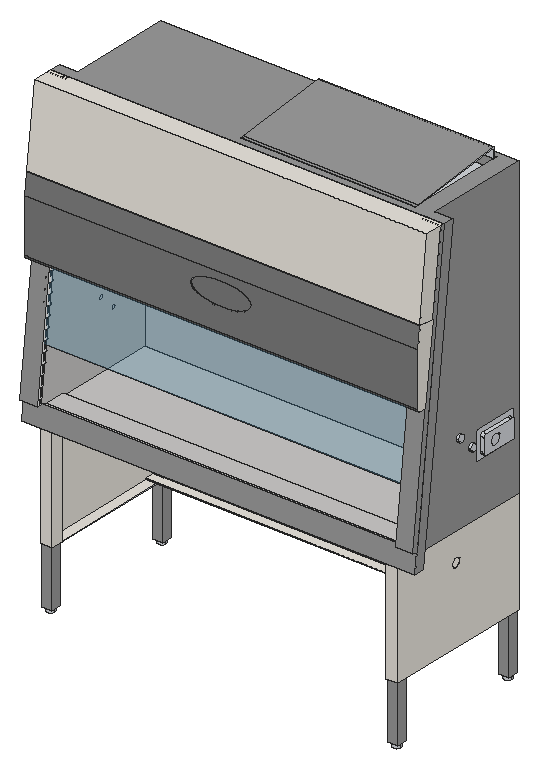
Revit family "NU-540 LabGard Class II Type A2 Laminar Flow Biosafety Cabinet", category Mechanical Equipment, Revit 2020
Family settings
  Round Connector Dimension = Use Diameter
  Part Type = Normal
  OmniClass Number = 23.75.00.00
  OmniClass Title = Climate Control (HVAC)
  Work Plane-Based = No
  Always vertical = Yes
  Cut with Voids When Loaded = No
  Shared = No
  Room Calculation Point = No
Parameters (values of type "NU-540-600")
  window width [instance] = 5' - 11 7/8"
  transition width = 2' - 11 3/8"
  transition depth = 1' - 7 1/8"
  exhaust ring inner = 0' - 4 15/16"
  exhaust door width = 2' - 7 3/16"
  crossbar [instance] = 5' - 10.1415"
  Workzone Width [instance] = 5' - 10 3/8"
  Overall Width [instance] = 6' - 5 9/16"
  Model = "NU-540-600"
  Manufacturer = "NuAire Inc."
  Exhaust Filter Width [instance] = 2' - 10 1/2"
  Exhaust Diameter = 0' - 10"
  Exhaust Center = 2' - 0"
  Description = "LabGard Class II Type A2 Laminar Flow Biosafety Cabinet 115v"
  Default Elevation = 0' - 0"
  Cabinet Width [instance] = 5' - 10 9/16"
  Cabinet Height = 4' - 10 7/8"
  Cabinet Depth = 2' - 6"
Types (4): name | window width | transition width | exhaust ring inner | exhaust door width | crossbar | Workzone Width | Overall Width | Model | Exhaust Filter Width | Exhaust Diameter | Exhaust Center | Cabinet Width
  NU-540-600 | 5' - 11 7/8" | 2' - 11 3/8" | 0' - 4 15/16" | 2' - 7 3/16" | 5' - 10.1415" | 5' - 10 3/8" | 6' - 5 9/16" | "NU-540-600" | 2' - 10 1/2" | 0' - 10" | 2' - 0" | 5' - 10 9/16"
  NU-540-500 | 4' - 11 7/8" | 2' - 5 3/8" | 0' - 4 15/16" | 2' - 7 3/16" | 4' - 10 9/64" | 4' - 10 3/8" | 5' - 5 9/16" | "NU-540-500" | 2' - 4 1/2" | 0' - 10" | 1' - 9" | 4' - 10 9/16"
  NU-540-400 | 3' - 11 3/8" | 1' - 9 3/8" | 0' - 4 15/16" | 1' - 7 3/16" | 3' - 10 9/64" | 3' - 10 3/8" | 4' - 5 9/16" | "NU-540-400" | 1' - 8 1/2" | 0' - 10" | 1' - 5" | 3' - 10 9/16"
  NU-540-300 | 2' - 11 7/8" | 1' - 1 3/8" | 0' - 3 15/16" | 1' - 1 3/16" | 2' - 10 9/64" | 2' - 10 3/8" | 3' - 5 9/16" | "NU-540-300" | 1' - 0 1/2" | 0' - 8" | 1' - 1" | 2' - 10 9/16"
Reference planes (in)
  plane 1 "Center (Front/Back)": y = 0
  plane 2: z = 0
  plane 3 "Center (Left/Right)": x = 0
  plane 4: x = -35.28125
  plane 5: x = 35.28125
  plane 6: y = -30
  plane 7 "Cabinet Base": z = 32.5
  plane 8 "Cabinet Top": z = 91.375
  plane 9: x = -38.78125
  plane 10: x = 38.78125
  plane 11: z = 12
  plane 12: z = 36.5
  plane 13: z = 89.703
  plane 14: z = 0.75
  plane 15: z = 12.074
  plane 16: z = 12.25
  plane 17: z = 22.21875
  plane 18: x = -35.07075
  plane 19: x = 35.07075
  plane 20: x = -35.9375
  plane 21: x = 35.9375
  plane 22: z = 68.23219
  plane 23: x = 36.3125
  plane 24: x = 35.34375
  plane 25: z = 99.875
Forms (in)
  Extrusion 1, solid
    sketch origin (0, 0, 0) x (0, 1, 0) y (0, 0, 1)
      loop
        line (0, 32.5) -> (0, 91.375) -> (-22.77106, 91.375) -> (-30, 32.5) -> (0, 32.5)
    from -38.78125 to 38.78125
  Extrusion 2, void
    sketch origin (0, 0, 0) x (0, 1, 0) y (0, 0, 1)
      loop
        line (-20.6301, 91.375) -> (-27.85904, 32.5) -> (0, 32.5) -> (0, 91.375) -> (-20.6301, 91.375)
    from -38.78125 to -35.28125
  Extrusion 3, void
    sketch origin (0, 0, 0) x (0, 1, 0) y (0, 0, 1)
      loop
        line (-20.6301, 91.375) -> (-27.85904, 32.5) -> (0, 32.5) -> (0, 91.375) -> (-20.6301, 91.375)
    from 35.28125 to 38.78125
  Extrusion 4, void
    sketch origin (0, 0, 0) x (0, 1, 0) y (0, 0, 1)
      loop
        line (-29.50886, 36.5) -> (-28.88386, 36.5) -> (-28.88386, 36.1875) -> (-24.25886, 36.1875) -> (-24.25886, 35.6875) -> (-4.18074, 35.6875) -> (-4.18074, 63.9375) -> (-26.13996, 63.9375) -> (-29.50886, 36.5)
    from -35.1875 to 35.1875
  Extrusion 5, void
    sketch origin (0, 0, 91.375) x (1, 0, 0) y (0, -1, 0)
      loop
        line (31.98425, 2.047) -> (31.98425, 20.547) -> (-2.51575, 20.547) -> (-2.51575, 2.047) -> (31.98425, 2.047)
    from 0 to 1.672
  Extrusion 6, solid
    sketch origin (0, -30, 32.5) x (1, 0, 0) y (0, -1, 0)
      loop
        line (35.28125, -30) -> (35.28125, -0.29687) -> (32.96225, -0.29687) -> (32.96225, -2.54287) -> (35.13325, -2.54287) -> (35.13325, -27.754) -> (32.96225, -27.754) -> (32.96225, -30) -> (35.28125, -30)
      loop
        line (-35.28125, -30) -> (-32.96225, -30) -> (-32.96225, -27.754) -> (-35.13325, -27.754) -> (-35.13325, -2.54287) -> (-32.96225, -2.54287) -> (-32.96225, -0.29687) -> (-35.28125, -0.29687) -> (-35.28125, -30)
    from 0 to 20.5
  Extrusion 7, solid
    sketch origin (0, -30, 12) x (0, 1, 0) y (1, 0, 0)
      loop
        line (0.42187, -35.15625) -> (2.42187, -35.15625) -> (2.42187, -33.15625) -> (0.42187, -33.15625) -> (0.42187, -35.15625)
      loop
        line (0.42362, 35.15625) -> (0.42362, 33.15625) -> (2.42362, 33.15625) -> (2.42362, 35.15625) -> (0.42362, 35.15625)
      loop
        line (29.875, 35.15625) -> (27.875, 35.15625) -> (27.875, 33.15625) -> (29.875, 33.15625) -> (29.875, 35.15625)
      loop
        line (27.875, -35.15625) -> (29.875, -35.15625) -> (29.875, -33.15625) -> (27.875, -33.15625) -> (27.875, -35.15625)
    from 0 to 11.25
  Extrusion 8, solid
    sketch origin (0, -30, 0.75) x (-1, 0, 0) y (0, 1, 0)
      loop
        circle (34.15625, 1.40689) r 0.75
      loop
        circle (-34.15625, 1.42362) r 0.75
      loop
        circle (-34.15625, 28.875) r 0.75
      loop
        circle (34.15625, 28.875) r 0.75
    from 0 to 0.75
  Extrusion 9, void
    sketch origin (0, 0, 0) x (0, 1, 0) y (0, 0, 1)
      loop
        circle (-15.375, 27) r 1
    from -35.28125 to 35.28125
  Extrusion 10, solid
    sketch origin (0, -30, 12) x (0, 1, 0) y (1, 0, 0)
      loop
        line (2.54287, 35.13325) -> (2.54287, 32.96225) -> (27.754, 32.96225) -> (27.754, 35.13325) -> (2.54287, 35.13325)
      loop
        line (27.754, -32.96225) -> (2.54287, -32.96225) -> (2.54287, -35.13325) -> (27.754, -35.13325) -> (27.754, -32.96225)
    from 0 to -0.074
  Extrusion 11, solid
    sketch origin (0, 0, 0) x (0, 1, 0) y (0, 0, 1)
      loop
        line (-4.246, 22.21875) -> (-4.246, 22.09375) -> (-2.3085, 22.09375) -> (-2.3085, 12.375) -> (-4.246, 12.375) -> (-4.246, 12.25) -> (-2.246, 12.25) -> (-2.246, 22.21875) -> (-4.246, 22.21875)
    from -35.07075 to 35.07075
  Extrusion 12, solid
    sketch origin (0, 0, 0) x (0, 1, 0) y (0, 0, 1)
      loop
        line (-29.53701, 36.27075) -> (-22.77106, 91.375) -> (-23.59218, 91.375) -> (-30.34593, 36.37008) -> (-29.53701, 36.27075)
    from 35.28125 to 38.78125
  Extrusion 13, solid
    sketch origin (-38.78125, 0, 0) x (0, -1, 0) y (0, 0, 1)
      loop
        line (22.77106, 91.375) -> (29.53701, 36.27075) -> (30.34593, 36.37008) -> (23.59218, 91.375) -> (22.77106, 91.375)
    from 0 to -3.5
  Extrusion 14, void
    sketch origin (0, 0.01127, -0.00138) x (0, 1, 0) y (0, 0, 1)
      loop
        line (-29.63061, 36.53412) -> (-22.89683, 91.37638) -> (-23.3272, 91.37638) -> (-30.05459, 36.58618) -> (-29.63061, 36.53412)
    from -35.9375 to 35.9375
  Extrusion 15, solid
    sketch origin (0, 0, 0) x (0, 1, 0) y (0, 0, 1)
      loop
        line (-28.40065, 46.4582) -> (-24.84342, 75.3651) -> (-25.02951, 75.388) -> (-28.58675, 46.48105) -> (-28.40065, 46.4582)
    from -35.9375 to 35.9375
  Extrusion 16, solid
    sketch origin (0, 0, 0) x (0, 1, 0) y (0, 0, 1)
      loop
        line (-23.59218, 91.375) -> (-22.77106, 91.375) -> (-22.77106, 91.4375) -> (-26.85891, 91.4375) -> (-28.74501, 76.07644) -> (-25.51924, 75.68036) -> (-23.59218, 91.375)
      loop
        line (-25.53447, 75.5563) -> (-28.76025, 75.95237) -> (-29.24772, 71.98219) -> (-29.24772, 61.39724)
        arc (-29.24772, 61.39724) -> (-29.10651, 61.02451) -> (-28.75378, 60.83893) r 0.5625
        line (-28.75378, 60.83893) -> (-27.36251, 60.6681) -> (-25.53447, 75.5563)
    from -38.78125 to 38.78125
  Extrusion 17, void
    sketch origin (0, -29.24772, 71.98219) x (0, 0, 1) y (1, 0, 0)
      loop
        spline (-3.71919, -5.96875) -> (-3.10786, -5.76537) -> (-2.53819, -5.16909) -> (-2.049, -4.22054) -> (-1.67363, -2.98438) -> (-1.43767, -1.54483) -> (-1.35719, 0) -> (-1.43767, 1.54483) -> (-1.67363, 2.98437) -> (-2.049, 4.22054) -> (-2.53819, 5.16909) -> (-3.10786, 5.76537) -> (-3.71919, 5.96875)
        spline (-3.71919, 5.96875) -> (-4.33052, 5.76537) -> (-4.90019, 5.16909) -> (-5.38937, 4.22054) -> (-5.76474, 2.98437) -> (-6.0007, 1.54483) -> (-6.08119, 0) -> (-6.0007, -1.54483) -> (-5.76474, -2.98438) -> (-5.38937, -4.22054) -> (-4.90019, -5.16909) -> (-4.33052, -5.76537) -> (-3.71919, -5.96875)
    from 0 to 0.07687
  Extrusion 18, void
    sketch origin (0, 0, 0) x (0, 1, 0) y (0, 0, 1)
      loop
        circle (-11.846, 45.958) r 0.5
      loop
        circle (-14.842, 48.958) r 0.5
    from -35.28125 to 35.28125
  Extrusion 19, solid
    sketch origin (-0.214, 0, 0) x (0, 1, 0) y (0, 0, 1)
      loop
        arc (-10.1875, 48.25) -> (-10.36428, 48.17678) -> (-10.4375, 48) r 0.25
        line (-10.4375, 48) -> (-10.4375, 43)
        arc (-10.4375, 43) -> (-10.36428, 42.82322) -> (-10.1875, 42.75) r 0.25
        line (-10.1875, 42.75) -> (-1.6875, 42.75)
        arc (-1.6875, 42.75) -> (-1.51072, 42.82322) -> (-1.4375, 43) r 0.25
        line (-1.4375, 43) -> (-1.4375, 48)
        arc (-1.4375, 48) -> (-1.51072, 48.17678) -> (-1.6875, 48.25) r 0.25
        line (-1.6875, 48.25) -> (-10.1875, 48.25)
      loop
        arc (-9.0625, 47.375) -> (-9.41605, 47.22855) -> (-9.5625, 46.875) r 0.5
        line (-9.5625, 46.875) -> (-9.5625, 44.125)
        arc (-9.5625, 44.125) -> (-9.41605, 43.77145) -> (-9.0625, 43.625) r 0.5
        line (-9.0625, 43.625) -> (-2.8125, 43.625)
        arc (-2.8125, 43.625) -> (-2.45895, 43.77145) -> (-2.3125, 44.125) r 0.5
        line (-2.3125, 44.125) -> (-2.3125, 46.875)
        arc (-2.3125, 46.875) -> (-2.45895, 47.22855) -> (-2.8125, 47.375) r 0.5
        line (-2.8125, 47.375) -> (-9.0625, 47.375)
    from 35.49525 to 35.55775
  Extrusion 20, solid
    sketch origin (35.28125, 0, 0) x (0, 1, 0) y (0, 0, 1)
      loop
        arc (-9.0625, 47.375) -> (-9.41605, 47.22855) -> (-9.5625, 46.875) r 0.5
        line (-9.5625, 46.875) -> (-9.5625, 44.125)
        arc (-9.5625, 44.125) -> (-9.41605, 43.77145) -> (-9.0625, 43.625) r 0.5
        line (-9.0625, 43.625) -> (-2.8125, 43.625)
        arc (-2.8125, 43.625) -> (-2.45895, 43.77145) -> (-2.3125, 44.125) r 0.5
        line (-2.3125, 44.125) -> (-2.3125, 46.875)
        arc (-2.3125, 46.875) -> (-2.45895, 47.22855) -> (-2.8125, 47.375) r 0.5
        line (-2.8125, 47.375) -> (-9.0625, 47.375)
    from 0 to 1.03125
  Extrusion 21, void
    sketch origin (0, 0, 0) x (0, 1, 0) y (0, 0, 1)
      loop
        circle (-6.9375, 45.5) r 1.12448
    from 36.20767 to 36.3125
  Extrusion 22, solid
    sketch origin (0, -20.6301, 91.375) x (0, -0.121869, -0.992546) y (-1, 0, 0)
      loop
        circle (57.52663, 36.96723) r 0.5
    from 0 to 0.0987
  Extrusion 23, solid
    sketch origin (0, 0, 0) x (0, 1, 0) y (0, 0, 1)
      loop
        circle (-11.846, 45.958) r 0.625
      loop
        circle (-14.846, 48.954) r 0.625
    from 35.28125 to 35.9375
  Extrusion 24, solid
    sketch origin (-35.28125, 0, 0) x (0, -1, 0) y (0, 0, 1)
      loop
        circle (14.84766, 48.954) r 0.625
      loop
        circle (11.846, 45.95312) r 0.625
    from 0 to 0.65625
  Extrusion 25, solid
    sketch origin (-2.51575, -20.547, 91.375) x (0, 1, 0) y (0, 0, 1)
      loop
        line (18.5, 0) -> (19.25, 0) -> (19.25, 0.05) -> (18.55, 0.05) -> (18.55, 2.05541) -> (0, 0.05) -> (-0.75, 0.05) -> (-0.75, 0) -> (0, 0) -> (18.5, 2) -> (18.5, 0)
    from 0 to 34.5
Cuts and joins
  Extrusion 2, Extrusion 3, Extrusion 4, Extrusion 5, Extrusion 17, Extrusion 18 cuts Extrusion 1
  Extrusion 9 cuts Extrusion 6
  Extrusion 14, Extrusion 18 cuts Extrusion 13
  Extrusion 14 cuts Extrusion 12
  Extrusion 17 cuts Extrusion 15
  Extrusion 17 cuts Extrusion 16
  Extrusion 21 cuts Extrusion 20
  joined: Extrusion 19, Extrusion 20
Dimensions and locks (in)
  equal spacing: plane 4, plane 3 "Center (Left/Right)", plane 5
  "Cabinet Width": plane 4 to plane 5
  "Cabinet Depth": plane 1 "Center (Front/Back)" to plane 6
  "Cabinet Height": plane 8 "Cabinet Top" to plane 7 "Cabinet Base"
  equal spacing: plane 10, plane 3 "Center (Left/Right)", plane 9
  "Overall Width": plane 10 to plane 9
  plane 7 "Cabinet Base" to Extrusion 1 = 4' - 10 7/8"
  locked: Extrusion 2 sketch curve to Extrusion 1 at 2.125
  Extrusion 2 to plane 7 "Cabinet Base" = 4' - 10 7/8"
  locked: cut or joined group of Extrusion 1, Extrusion 2, Extrusion 3, Extrusion 4, Extrusion 5, Extrusion 17, Extrusion 18 to Extrusion 3 sketch curve at 2.125
  Extrusion 3 to plane 7 "Cabinet Base" = 4' - 10 7/8"
  plane 7 "Cabinet Base" to level = 2' - 8 1/2"
  equal spacing: cut or joined group of Extrusion 1, Extrusion 2, Extrusion 3, Extrusion 4, Extrusion 5, Extrusion 17, Extrusion 18, plane 3 "Center (Left/Right)", cut or joined group of Extrusion 1, Extrusion 2, Extrusion 3, Extrusion 4, Extrusion 5, Extrusion 17, Extrusion 18
  "Workzone Width": cut or joined group of Extrusion 1, Extrusion 2, Extrusion 3, Extrusion 4, Extrusion 5, Extrusion 17, Extrusion 18 to cut or joined group of Extrusion 1, Extrusion 2, Extrusion 3, Extrusion 4, Extrusion 5, Extrusion 17, Extrusion 18
  locked: Extrusion 5 sketch curve to plane 5 at 3.297
  "Exhaust Filter Width": Extrusion 5 sketch curve to Extrusion 5 sketch curve
  locked: Extrusion 5 sketch curve to plane 1 "Center (Front/Back)" at 2.047
  Extrusion 5 sketch curve to Extrusion 5 sketch curve = 1' - 6 1/2"
  locked: Extrusion 6 to Extrusion 7 sketch curve at 0.125
  locked: Extrusion 7 sketch curve to Extrusion 6 at 0.125  (x4)
  Extrusion 7 sketch curve to Extrusion 7 sketch curve = 0' - 2"  (x8)
  Extrusion 6 to Extrusion 7 sketch curve = 0' - 0 1/8"  (x2)
  Extrusion 6 to Extrusion 7 sketch curve = 0' - 0.12674"
  Extrusion 8 sketch curve to Extrusion 7 = 0' - 1"  (x2)
  Extrusion 7 to Extrusion 8 sketch curve = 0' - 0.98502"
  Extrusion 7 to Extrusion 8 sketch curve = 0' - 1"  (x5)
  Extrusion 6 to Extrusion 9 sketch curve = 0' - 5 1/2"
  Extrusion 6 to Extrusion 9 sketch curve = 1' - 3 3/8"
  equal spacing: plane 19, plane 3 "Center (Left/Right)", plane 18
  "crossbar": plane 19 to plane 18
  cut or joined group of Extrusion 1, Extrusion 2, Extrusion 3, Extrusion 4, Extrusion 5, Extrusion 17, Extrusion 18 to Extrusion 12 sketch curve = 0' - 0.815"
  Extrusion 13 to Extrusion 14 sketch curve = 0' - 0.11365"
  Extrusion 14 sketch curve to Extrusion 14 sketch curve = 0' - 0.42716"
  Extrusion 13 to Extrusion 14 sketch curve = 0' - 0 1/4"
  equal spacing: plane 21, plane 3 "Center (Left/Right)", plane 20
  "window width": plane 21 to plane 20
  cut or joined group of Extrusion 13, Extrusion 14, Extrusion 18 to Extrusion 15 sketch curve to Extrusion 15 sketch curve = 0' - 10", 2' - 5 1/8" locked
  equal spacing: Extrusion 15, plane 3 "Center (Left/Right)", Extrusion 15
  "window width": Extrusion 15 to Extrusion 15
  locked: Extrusion 16 sketch curve to Extrusion 16 sketch curve at 15
  locked: Extrusion 16 sketch curve to Extrusion 16 sketch curve at 4
  Extrusion 16 sketch curve to Extrusion 16 sketch curve = 2' - 6 15/16"
  equal spacing: Extrusion 16, plane 3 "Center (Left/Right)", Extrusion 16
  "Overall Width": Extrusion 16 to Extrusion 16
  equal spacing: plane 10, Extrusion 17 sketch curve, plane 9
  Extrusion 18 sketch curve to cut or joined group of Extrusion 1, Extrusion 2, Extrusion 3, Extrusion 4, Extrusion 5, Extrusion 17, Extrusion 18 = 1' - 2.842"
  Extrusion 18 sketch curve to cut or joined group of Extrusion 6, Extrusion 9 = 1' - 1.458"
  Extrusion 18 sketch curve to cut or joined group of Extrusion 6, Extrusion 9 = 1' - 4.458"
  Extrusion 19 sketch curve to cut or joined group of Extrusion 1, Extrusion 2, Extrusion 3, Extrusion 4, Extrusion 5, Extrusion 17, Extrusion 18 = 0' - 1 7/16"
  Extrusion 19 sketch curve to Extrusion 19 sketch curve = 0' - 9"
  Extrusion 19 sketch curve to cut or joined group of Extrusion 6, Extrusion 9 = 0' - 10 1/4"
  Extrusion 19 sketch curve to Extrusion 19 sketch curve = 0' - 5 1/2"
  Extrusion 19 sketch curve to Extrusion 19 sketch curve = 0' - 3 3/4"
  Extrusion 19 sketch curve to Extrusion 19 sketch curve = 0' - 7 1/4"
  Extrusion 19 sketch curve to Extrusion 19 sketch curve = 0' - 0 7/8"
  plane 10 to plane 23 to cut or joined group of Extrusion 1, Extrusion 2, Extrusion 3, Extrusion 4, Extrusion 5, Extrusion 17, Extrusion 18 = 0' - 2 15/32" locked, 0' - 1 1/32" locked
  Extrusion 21 sketch curve to cut or joined group of Extrusion 6, Extrusion 9 = 1' - 1"
  Extrusion 21 sketch curve to cut or joined group of Extrusion 1, Extrusion 2, Extrusion 3, Extrusion 4, Extrusion 5, Extrusion 17, Extrusion 18 = 0' - 6 15/16"
  plane 23 to plane 24 to cut or joined group of Extrusion 19, Extrusion 20, Extrusion 21 = 0' - 0 31/32" locked, 0' - 0 1/16" locked
  locked: cut or joined group of Extrusion 19, Extrusion 20, Extrusion 21 to cut or joined group of Extrusion 19, Extrusion 20, Extrusion 21 at 0.10483
  locked: cut or joined group of Extrusion 1, Extrusion 2, Extrusion 3, Extrusion 4, Extrusion 5, Extrusion 17, Extrusion 18 to plane 23 at 1.03125
  Extrusion 22 sketch curve to cut or joined group of Extrusion 1, Extrusion 2, Extrusion 3, Extrusion 4, Extrusion 5, Extrusion 17, Extrusion 18 = 0' - 1.79051"
  cut or joined group of Extrusion 1, Extrusion 2, Extrusion 3, Extrusion 4, Extrusion 5, Extrusion 17, Extrusion 18 to Extrusion 22 sketch curve = 0' - 1.81402"
  Extrusion 18 sketch curve to cut or joined group of Extrusion 1, Extrusion 2, Extrusion 3, Extrusion 4, Extrusion 5, Extrusion 17, Extrusion 18 = 0' - 11.846"
  Extrusion 23 sketch curve to cut or joined group of Extrusion 6, Extrusion 9 = 1' - 1.458"
  Extrusion 23 sketch curve to cut or joined group of Extrusion 6, Extrusion 9 = 1' - 4.454"
  Extrusion 23 sketch curve to cut or joined group of Extrusion 1, Extrusion 2, Extrusion 3, Extrusion 4, Extrusion 5, Extrusion 17, Extrusion 18 = 0' - 11.846"
  Extrusion 23 sketch curve to cut or joined group of Extrusion 1, Extrusion 2, Extrusion 3, Extrusion 4, Extrusion 5, Extrusion 17, Extrusion 18 = 1' - 2.846"
  Extrusion 24 sketch curve to cut or joined group of Extrusion 6, Extrusion 9 = 1' - 1 29/64"
  Extrusion 24 sketch curve to cut or joined group of Extrusion 6, Extrusion 9 = 1' - 4.454"
  cut or joined group of Extrusion 1, Extrusion 2, Extrusion 3, Extrusion 4, Extrusion 5, Extrusion 17, Extrusion 18 to Extrusion 24 sketch curve = 0' - 11.846"
  cut or joined group of Extrusion 1, Extrusion 2, Extrusion 3, Extrusion 4, Extrusion 5, Extrusion 17, Extrusion 18 to Extrusion 24 sketch curve = 1' - 2 217/256"
  locked: plane 6 to Extrusion 1 sketch curve (angle 7.00°)
  aligned and locked: level to plane 2
  aligned and locked: plane 1 "Center (Front/Back)" to Extrusion 1 sketch curve
  aligned and locked: plane 8 "Cabinet Top" to Extrusion 1 sketch curve
  aligned and locked: plane 7 "Cabinet Base" to Extrusion 1 sketch curve
  aligned and locked: Extrusion 1 to plane 9
  aligned and locked: Extrusion 1 to plane 10
  aligned and locked: Extrusion 2 sketch curve to Extrusion 1  (x3)
  aligned and locked: Extrusion 2 to plane 9
  aligned and locked: plane 4 to Extrusion 2
  aligned and locked: cut or joined group of Extrusion 1, Extrusion 2, Extrusion 3, Extrusion 4, Extrusion 5, Extrusion 17, Extrusion 18 to Extrusion 3 sketch curve  (x2)
  aligned and locked: Extrusion 3 sketch curve to cut or joined group of Extrusion 1, Extrusion 2, Extrusion 3, Extrusion 4, Extrusion 5, Extrusion 17, Extrusion 18
  aligned and locked: Extrusion 3 to plane 10
  aligned and locked: Extrusion 3 to plane 5
  aligned and locked: Extrusion 5 to plane 13
  aligned and locked: Extrusion 6 to plane 11
  aligned and locked: Extrusion 6 to plane 7 "Cabinet Base"
  aligned and locked: plane 14 to Extrusion 7
  aligned and locked: Extrusion 8 to level
  aligned and locked: plane 5 to Extrusion 9
  aligned and locked: Extrusion 9 to plane 4
  aligned and locked: Extrusion 10 sketch curve to cut or joined group of Extrusion 6, Extrusion 9  (x8)
  aligned and locked: plane 15 to Extrusion 10
  aligned and locked: Extrusion 11 to plane 18
  aligned and locked: plane 19 to Extrusion 11
  aligned and locked: plane 8 "Cabinet Top" to Extrusion 12 sketch curve
  aligned and locked: Extrusion 12 to plane 10
  aligned and locked: Extrusion 12 to plane 5
  aligned and locked: plane 8 "Cabinet Top" to Extrusion 13 sketch curve
  aligned and locked: cut or joined group of Extrusion 1, Extrusion 2, Extrusion 3, Extrusion 4, Extrusion 5, Extrusion 17, Extrusion 18 to Extrusion 13 sketch curve
  aligned and locked: Extrusion 13 sketch curve to Extrusion 12  (x2)
  aligned and locked: plane 4 to Extrusion 13
  aligned and locked: Extrusion 14 to plane 20
  aligned and locked: Extrusion 14 to plane 21
  aligned and locked: Extrusion 14 to plane 8 "Cabinet Top"
  aligned and locked: plane 5 to Extrusion 18
  aligned and locked: Extrusion 18 to plane 4
  aligned and locked: Extrusion 19 to plane 5
  aligned and locked: Extrusion 19 to Extrusion 20 sketch curve  (x4)
  aligned and locked: Extrusion 20 to plane 23
  aligned and locked: Extrusion 21 to plane 23
  aligned and locked: Extrusion 20 to plane 5
  aligned and locked: Extrusion 19 to plane 24
  aligned and locked: Extrusion 23 to plane 5
  aligned and locked: Extrusion 24 to plane 20
  aligned and locked: plane 21 to Extrusion 23
  aligned and locked: cut or joined group of Extrusion 1, Extrusion 2, Extrusion 3, Extrusion 4, Extrusion 5, Extrusion 17, Extrusion 18 to Extrusion 25
  aligned and locked: Extrusion 25 to cut or joined group of Extrusion 1, Extrusion 2, Extrusion 3, Extrusion 4, Extrusion 5, Extrusion 17, Extrusion 18
Automatic sketch dimensions
  Extrusion 1 sketch curve to plane 6 = 0' - 0"
  plane 12 to Extrusion 4 sketch curve = 0' - 0"
  plane 6 to Extrusion 4 sketch curve = 0' - 0.49114"
  plane 12 to Extrusion 4 sketch curve = 0' - 0 5/16"
  Extrusion 4 sketch curve to Extrusion 4 sketch curve = 0' - 0 5/8"
  plane 6 to Extrusion 4 sketch curve = 0' - 3.86004"
  plane 12 to Extrusion 4 sketch curve = 0' - 0 13/16"
  Extrusion 4 sketch curve to Extrusion 4 sketch curve = 0' - 4 5/8"
  plane 1 "Center (Front/Back)" to Extrusion 4 sketch curve = 0' - 4.18074"
  Extrusion 4 sketch curve to plane 13 = 2' - 1.7655"
  Extrusion 1 to Extrusion 6 sketch curve = 0' - 0"  (x2)
  Extrusion 6 sketch curve to Extrusion 1 = 0' - 3 1/2"
  Extrusion 6 sketch curve to Extrusion 6 sketch curve = 0' - 0.148"  (x2)
  Extrusion 6 sketch curve to Extrusion 6 sketch curve = 0' - 2.171"  (x3)
  Extrusion 1 to Extrusion 6 sketch curve = 0' - 2.246"  (x2)
  Extrusion 6 sketch curve to Extrusion 1 = 0' - 5.819"  (x2)
  Extrusion 6 sketch curve to Extrusion 1 = 0' - 0 19/64"  (x2)
  Extrusion 6 sketch curve to Extrusion 6 sketch curve = 0' - 2.246"  (x2)
  Extrusion 11 sketch curve to plane 17 = 0' - 0"
  Extrusion 11 sketch curve to plane 16 = 0' - 0"
  plane 1 "Center (Front/Back)" to Extrusion 11 sketch curve = 0' - 4.246"  (x2)
  plane 16 to Extrusion 11 sketch curve = 0' - 0 1/8"
  Extrusion 11 sketch curve to Extrusion 11 sketch curve = 0' - 1 15/16"
  Extrusion 11 sketch curve to Extrusion 11 sketch curve = 0' - 0 1/16"
  Extrusion 11 sketch curve to Extrusion 11 sketch curve = 0' - 0 1/8"
  plane 6 to Extrusion 12 sketch curve = 0' - 0.46299"
  Extrusion 12 sketch curve to plane 6 = 0' - 0.34593"
  plane 8 "Cabinet Top" to Extrusion 14 sketch curve = 0' - 0"
  Extrusion 15 sketch curve to Extrusion 15 sketch curve = 0' - 0.1861"
  plane 6 to Extrusion 15 sketch curve = 0' - 1.41325"
  plane 6 to Extrusion 15 sketch curve = 0' - 4.97049"
  level to Extrusion 15 sketch curve = 6' - 3.3651"
  plane 8 "Cabinet Top" to Extrusion 16 sketch curve = 0' - 0"
  Extrusion 16 sketch curve to Extrusion 16 sketch curve = 0' - 0.01523"  (x2)
  Extrusion 16 sketch curve to Extrusion 16 sketch curve = 0' - 1.39126"
  Extrusion 16 sketch curve to plane 8 "Cabinet Top" = 0' - 0 1/16"
  Extrusion 16 sketch curve to Extrusion 16 sketch curve = 0' - 0.82112"
  Extrusion 16 sketch curve to Extrusion 16 sketch curve = 0' - 0.12407"
  plane 6 to Extrusion 16 sketch curve = 0' - 0.75228"
  plane 6 to Extrusion 16 sketch curve = 0' - 1.23975"
  Extrusion 16 sketch curve to Extrusion 16 sketch curve = 0' - 0.49395"
  plane 6 to Extrusion 16 sketch curve = 0' - 3.14109"
  Extrusion 17 sketch curve to Extrusion 16 = 0' - 3.71919"
  Extrusion 17 sketch curve to Extrusion 17 sketch curve = 0' - 5 31/32"
  Extrusion 19 sketch curve to Extrusion 19 sketch curve = 0' - 0 1/4"  (x4)
  Extrusion 19 sketch curve to Extrusion 19 sketch curve = 0' - 0 5/8"
  Extrusion 19 sketch curve to Extrusion 19 sketch curve = 0' - 0 1/2"  (x4)
  Extrusion 20 sketch curve to Extrusion 20 sketch curve = 0' - 0 1/2"  (x4)
  Extrusion 25 sketch curve to Extrusion 5 = 0' - 0"  (x4)
  Extrusion 5 to Extrusion 25 sketch curve = 0' - 0"
  Extrusion 25 sketch curve to Extrusion 5 = 0' - 0 3/4"
  Extrusion 25 sketch curve to Extrusion 5 = 0' - 0.05"  (x2)
  Extrusion 5 to Extrusion 25 sketch curve = 0' - 0 3/4"
  Extrusion 25 sketch curve to Extrusion 25 sketch curve = 0' - 1.95"
  Extrusion 5 to Extrusion 25 sketch curve = 0' - 0.05"
  Extrusion 25 sketch curve to Extrusion 25 sketch curve = 0' - 0.05541"
  radius of Extrusion 8 sketch curve = 0' - 0 3/4"  (x4)
  radius of Extrusion 9 sketch curve = 0' - 1"
  radius of Extrusion 18 sketch curve = 0' - 0 1/2"  (x2)
  radius of Extrusion 21 sketch curve = 0' - 1.12448"
  radius of Extrusion 22 sketch curve = 0' - 0 1/2"
  radius of Extrusion 23 sketch curve = 0' - 0 5/8"  (x2)
  radius of Extrusion 24 sketch curve = 0' - 0 5/8"  (x2)
Connectors (in)
  piping at (35.9375, -11.846, 45.958), diameter 0.875
    settings: on Extrusion 23, index 2, connector inside diameter 24", connector length 0' - 0", flow factor 0, pipe flow 0 GPM, pressure drop 0.00 psi, fitting loss kfactor 0, connector angle 0.00°, fixture units 0, engagement length 0' - 0", angle of deflection 0.00°, flow configuration 0, flow direction 1, fitting loss method 0, system type 28, joint type 0, gender type 0, connector reference index -1, connector utility 0, adjustable connector no, is connector primary yes, connector description ""
  piping at (35.9375, -14.846, 48.954), diameter 0.875
    settings: on Extrusion 23, index 3, connector inside diameter 24", connector length 0' - 0", flow factor 0, pipe flow 0 GPM, pressure drop 0.00 psi, fitting loss kfactor 0, connector angle 0.00°, fixture units 0, engagement length 0' - 0", angle of deflection 0.00°, flow configuration 0, flow direction 0, fitting loss method 0, system type 28, joint type 0, gender type 0, connector reference index -1, connector utility 0, adjustable connector no, is connector primary no, connector description ""
  electrical at (-36.96723, -27.54287, 34.26514)
    settings: on Extrusion 22, index 4, voltage 115 V, apparent load 0 VA, apparent load phase1 0 VA, apparent load phase2 0 VA, apparent load phase3 0 VA, power factor 1, load classification "Power", number of poles 2, system type 31, power factor state 1, is connector primary yes, connector utility yes, sub classification motor no, connector description ""
